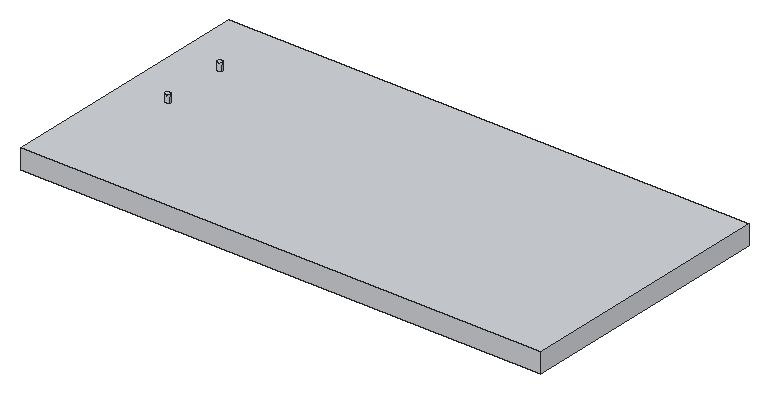
Revit family "CVC_Panneau-rayonnant_Zehnder_Carboline", category Equipement de génie climatique, Revit 2026
Family settings
  Cote de connecteur circulaire = Utiliser le diamètre
  Type d'élément = Normal
  Basée sur le plan de construction = Non
  Toujours verticalement = Oui
  Couper avec des vides une fois chargée = Non
  Conserver l'orientation des annotations = Non
  Partagée = Non
  Repère de localisation dans la pièce = Non
Parameters (values of type "600 x 1200")
  Source = "CCTP lot 12 § 4.8.2"
  Modèle = "Carboline"
  Fabricant = "Zehnder"
  Elévation par défaut = 0 mm
  Description = "Panneau rayonnant eau chaude"
  Caractéristiques CCTP = "Plafond, circulations et hall"
  A vérifier = "Longueur selon les besoins, à dimensionner"
Reference planes
  plane 1 "Centre (avant/arrière)": y = 0
  plane 2: z = 0
  plane 3 "Centre (gauche/droite)": x = 0
Forms (mm)
  Extrusion 1, solid
    sketch origin (0, 0, 0) x (1, 0, 0) y (0, 1, 0)
      loop
        line (-600, -300) -> (600, -300) -> (600, 300) -> (-600, 300) -> (-600, -300)
    from 0 to 45
  Extrusion 2, solid
    sketch origin (0, 0, 45) x (1, 0, 0) y (0, 1, 0)
      loop
        circle (-500, 0) r 6
    from 0 to 60
  Extrusion 3, solid
    sketch origin (0, 0, 45) x (1, 0, 0) y (0, 1, 0)
      loop
        circle (-500, 150) r 6
    from 0 to 60
Dimensions and locks
  aligned and locked: level to plane 2
Connectors
  piping at (-500, 0, 105), diameter 12
    settings: on Extrusion 2, index 1, connector inside diameter 609.6 mm, connector length 0 mm, flow factor 0, pipe flow 0.0 L/s, pressure drop 0.0 Pa, fitting loss kfactor 0, connector angle 0.00°, fixture units 0, engagement length 0 mm, angle of deflection 0.00°, flow configuration 0, flow direction 0, fitting loss method 0, system type 7, joint type 0, gender type 0, connector reference index -1, connector utility 0, adjustable connector no, is connector primary yes, connector description "Aller"
  piping at (-500, 150, 105), diameter 12
    settings: on Extrusion 3, index 2, connector inside diameter 609.6 mm, connector length 0 mm, flow factor 0, pipe flow 0.0 L/s, pressure drop 0.0 Pa, fitting loss kfactor 0, connector angle 0.00°, fixture units 0, engagement length 0 mm, angle of deflection 0.00°, flow configuration 0, flow direction 0, fitting loss method 0, system type 8, joint type 0, gender type 0, connector reference index -1, connector utility 0, adjustable connector no, is connector primary no, connector description "Retour"
